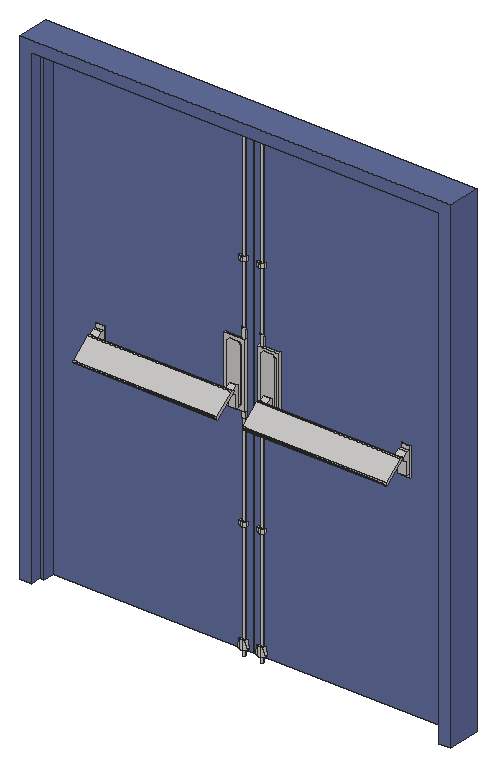
Revit family "Door_BlastResistant_Ambico_MediumDuty-Double", category Doors, host Wall, Revit 2026
Family settings
  Host = Wall
  Classification Number = 23.30.10.21.37.14
  Always vertical = Yes
  Cut with Voids When Loaded = No
  Shared = No
  Room Calculation Point = No
Parameters (values of type "as Specified")
  Wind Load = ""
  Water Penetration = ""
  Visual Light Transmittance = VLT  # 0
  VLT = 0
  U = 0.1000 BTU/(h·ft²·°F)
  Thermal Resistance (R) = R  # 0.0000 (h·ft²·°F)/BTU
  Stop Depth = Frame Thickness - (Door Rabbet * 2)  # 0' - 1 7/8"
  Sound Transmission Class (STC) = 0
  Solar Heat Gain Coefficient = SHGC  # 0
  SHGC = 0
  RO Offset = 0' - 0"
  R = 0.0000 (h·ft²·°F)/BTU
  Panel Height = Height  # 7' - 0"
  Heat Transfer Coefficient (U) = U  # 0.1000 BTU/(h·ft²·°F)
  Hardware Second Finish [instance] = Metal - Stainless Steel - Ambico - 2B Finish
  Hardware Finish = Metal - Stainless Steel - Ambico - 4 Finish
  Handle Type Interior [instance] = Handle_MediumDuty3PntPushbar : Handle_MediumDuty3PntPushbar
  Handle Type Exterior [instance] = Handle_MediumDuty Generic Lever : Handle_MediumDuty Generic Lever
  Handle Height = 3' - 4"
  Function = Interior
  Frame Width = 0' - 2"
  Frame Thickness = 0' - 5 3/4"
  Frame Inset from Exterior [instance] = 0' - 0"
  Frame Finish = Metal - Steel - Ambico - Painted - Blue
  Door Rabbet = Thickness + 0' 0 3/16"  # 0' - 1 15/16"
  Blast Resistance = "as Specified"
  Building Code Conformance = ""
  Backset = 0' - 3"
  Air Infiltration = ""
  ASTM Conformance = ""
  Panel Width = Width / 2  # 3' - 0"
  Panel Material = Metal - Steel - Ambico - Painted - Blue
  Manufacturer Phone = "613-746-4663 "
  Warranty Duration (Years) = 0
  URL = "http://www.ambico.com/"
  Thickness = 0' - 1 3/4"
  Test Data = ""
  Specification = "http://www.arcat.com/sd/clients/ambico.html?coid=40356"
  SpecWizard = ""
  Send Message = "http://www.arcat.com/users.pl?action=UserEmail&company=Ambico Limited&coid=40356&rep=119&fax=800-465-8561&mf="
  Sales Information = "http://www.ambico.com/contact.html"
  Rough Width = (Width + (RO Offset * 2))  # 6' - 0"
  Rough Height = (Height + (RO Offset))  # 7' - 0"
  Product Properties = ""
  Product Data = "http://www.arcat.com/arcatcos/cos40/arc40356.html"
  Manufacturer Website = "http://www.ambico.com/"
  Manufacturer Phone - Toll Free = "888-423-2224"
  Manufacturer Fax = "800-465-8561"
  Manufacturer Address = "1120 Cummings Ave. Ottawa, ON Canada K1J 7R8"
  Maintenance Schedule (Months) = 0
  Installation-Fabrication = "http://www.ambico.com/specs-a-cads-library.html"
  Installation Phase = ""
  Green Building-LEED = "http://www.arcat.com/green/clients/leed_data_40356.html"
  Model = "Blast Resistant Medium Duty Non Fire Rated"
  Manufacturer = "Ambico Limited"
  Keynote = "08300"
  Height = 7' - 0"
  Wall Closure = By host
  Width = 6' - 0"
  Fire Rating = "NFR"
  Expected Lifespan (Years) = 0
  Drawn By = "Sumex Design, Inc. / Robert S. Weygant, CSI, CDT, SCIP"
  Description = "Ambico Blast Resistant Medium Duty Steel Door - Pair as Specified"
  Copyright = "©Arcat Inc."
  Construction Details = "http://www.arcat.com/details/ambico/ambico.html?coid=40356"
  Building Codes = ""
  Assembly Code = ""
  ADA Compliant = yes
  AAMA Designation = ""
Reference planes (in)
  plane 1 "Center (Front/Back)": y = -34.46225
  plane 2 "Center (Left/Right)": x = 62.28704
  plane 3: z = 0
  plane 4 "Right": x = 100.28704
  plane 5 "Left": x = 24.28704
  plane 6 "Closure": y = -36.46225
  plane 7: z = 0
  plane 8 "Top of Frame": z = 86
  plane 9 "RO Top": z = 86
  plane 10 "RO Right": x = 100.28704
  plane 11 "RO Left": x = 24.28704
  plane 12 "Frame Ext": y = -31.96225
  plane 13 "Frame Int": y = -37.71225
  plane 14: x = 98.28704
  plane 15: x = 26.28704
  plane 16: z = 84
  plane 17: z = 40
  plane 18: y = -33.71225
  plane 19: y = -31.96225
  plane 20: x = 59.28704
  plane 21: x = 65.28704
Forms (in)
  Sweep 1, solid, material "Metal - Steel - Ambico - Painted - Blue" <- "Frame Finish"
    path origin (1.99114, -31.96225, 48) x (-1, 0, 0) y (0, 0, 1)
      loop
        line (-98.2959, -48) -> (-98.2959, 38) -> (-22.2959, 38) -> (-22.2959, -48)
    profile "P_Frame_Standard : P_Frame_Standard" origin (100.28704, -31.96225, 43) x (1, 0, 0) y (0, 1, 0)
      loop
        line (0, 0) -> (-2, 0) -> (-2, -1.9375) -> (-2.625, -1.9375) -> (-2.625, -3.8125) -> (-2, -3.8125) -> (-2, -5.75) -> (0, -5.75) -> (0, 0)
Lines and regions (in)
  Opening 1
    outline origin (-109.33485, -36.46225, 0) x (1, 0, 0) y (0, 0, 1)
      loop
        line (133.62189, 0) -> (209.62189, 0) -> (209.62189, 86) -> (133.62189, 86) -> (133.62189, 0)
Text (in)
  text "Exterior" at (-20.44992, -12.18085, 0), in view "Plan"
  text "Interior" at (-20.44992, -49.43282, 0), in view "Plan"
  text "Exterior" at (0, -17.98638, 123.01588), in view "Right"
  text "Interior" at (0, -64.39139, 123.01588), in view "Right"
  text "Interior" at (0, -52.09468, 121.14095), in view "Left"
  text "Exterior" at (0, 26.35325, 123.00693), in view "Left"
Dimensions and locks (in)
  equal spacing: plane 4 "Right", plane 2 "Center (Left/Right)", plane 5 "Left"
  "RO Offset": plane 5 "Left" to plane 11 "RO Left"
  "RO Offset": plane 10 "RO Right" to plane 4 "Right"
  "RO Offset": plane 9 "RO Top" to plane 8 "Top of Frame"
  "Frame Thickness": plane 12 "Frame Ext" to plane 13 "Frame Int"
  "Frame Width": plane 16 to plane 8 "Top of Frame"
  "Frame Width": plane 4 "Right" to plane 14
  "Frame Width": plane 5 "Left" to plane 15
  "Frame Inset from Exterior": plane 19 to plane 12 "Frame Ext"
  "Handle Height": level to plane 17
  "Thickness": plane 12 "Frame Ext" to plane 18
  locked: plane 19 to host wall at 0.5
  "Height": level to plane 16
  "Width": plane 15 to plane 14
  "Backset": plane 2 "Center (Left/Right)" to plane 21
  "Backset": plane 20 to plane 2 "Center (Left/Right)"
  aligned and locked: host wall to plane 1 "Center (Front/Back)"
  aligned and locked: host wall to plane 6 "Closure"
  aligned and locked: plane 12 "Frame Ext" to nested 1
  aligned and locked: nested 2 to plane 17
  aligned and locked: nested 1 to plane 14
  aligned and locked: nested 3 to plane 15
  aligned and locked: plane 12 "Frame Ext" to nested 3
  aligned and locked: plane 17 to nested 4
  aligned and locked: plane 20 to nested 4
  aligned and locked: plane 21 to nested 2
  aligned and locked: plane 17 to nested 5
  aligned and locked: nested 6 to plane 17
  aligned and locked: nested 6 to plane 20
  aligned and locked: nested 5 to plane 21
Automatic sketch dimensions
  Opening 1 sketch curve to plane 9 "RO Top" = 0' - 0"
  Opening 1 sketch curve to plane 11 "RO Left" = 0' - 0"
  Opening 1 sketch curve to plane 10 "RO Right" = 0' - 0"
  Opening 1 sketch curve to level = 0' - 0"
  Sweep 1 sketch curve to plane 4 "Right" = 0' - 0"
  Sweep 1 sketch curve to plane 5 "Left" = 0' - 0"
  Sweep 1 sketch curve to level = 0' - 0"  (x2)
  Sweep 1 sketch curve to plane 8 "Top of Frame" = 0' - 0"
Nested families (in)
  nested 1: "Panel_Blast" at (80.28704, -32.83725, 0) x (-1, 0, 0) z (0, 0, 1), Material <- "Panel Material", Width <- "Panel Width", Thickness <- "Thickness", Height <- "Panel Height", type "Panel_Blast"
    with offset 0' - 0", glazing Glass - Glazing - Ambico - Clear, Width 3' - 0", Vision Width 0' - 7", Vision Height 1' - 6", Vision Cutout from Top 0' - 6", Vision Cutout from Latch 0' - 6", Thickness 0' - 1 3/4", Material Metal - Steel - Ambico - Painted - Blue, Height 7' - 0"
  nested 2: "Handle_MediumDuty Generic Lever" at (65.28704, -31.96225, 40) x (-1, 0, 0) z (0, 1, 0), Material <- "Hardware Finish", type <- "Handle Type Exterior", Second Material <- "Hardware Second Finish", handle height <- "Handle Height", panel height <- "Panel Height", type "Handle_MediumDuty Generic Lever"
    with panel height 7' - 0", handle height 3' - 4", Second Material Metal - Stainless Steel - Ambico - 2B Finish, Material Metal - Stainless Steel - Ambico - 4 Finish
  nested 3: "Panel_Blast" at (44.28704, -32.83725, 0), Material <- "Panel Material", Width <- "Panel Width", Thickness <- "Thickness", Height <- "Panel Height", type "Panel_Blast"
    with offset 0' - 0", glazing Glass - Glazing - Ambico - Clear, Width 3' - 0", Vision Width 0' - 7", Vision Height 1' - 6", Vision Cutout from Top 0' - 6", Vision Cutout from Latch 0' - 6", Thickness 0' - 1 3/4", Material Metal - Steel - Ambico - Painted - Blue, Height 7' - 0"
  nested 4: "Handle_MediumDuty Generic Lever" at (59.28704, -31.96225, 40) x (1, 0, 0) z (0, 1, 0), Material <- "Hardware Finish", type <- "Handle Type Exterior", Second Material <- "Hardware Second Finish", handle height <- "Handle Height", panel height <- "Panel Height", type "Handle_MediumDuty Generic Lever"
    with panel height 7' - 0", handle height 3' - 4", Second Material Metal - Stainless Steel - Ambico - 2B Finish, Material Metal - Stainless Steel - Ambico - 4 Finish
  nested 5: "Handle_MediumDuty3PntPushbar" at (65.28704, -33.71225, 40) x (-1, 0, 0) z (0, -1, 0), Material <- "Hardware Finish", type <- "Handle Type Interior", Second Material <- "Hardware Second Finish", handle height <- "Handle Height", panel height <- "Panel Height", type "Handle_MediumDuty3PntPushbar"
    with panel height 7' - 0", handle height 3' - 4", Second Material Metal - Stainless Steel - Ambico - 2B Finish, Material Metal - Stainless Steel - Ambico - 4 Finish
  nested 6: "Handle_MediumDuty3PntPushbar" at (59.28704, -33.71225, 40) x (1, 0, 0) z (0, -1, 0), Material <- "Hardware Finish", type <- "Handle Type Interior", Second Material <- "Hardware Second Finish", handle height <- "Handle Height", panel height <- "Panel Height", type "Handle_MediumDuty3PntPushbar"
    with panel height 7' - 0", handle height 3' - 4", Second Material Metal - Stainless Steel - Ambico - 2B Finish, Material Metal - Stainless Steel - Ambico - 4 Finish
Definition of nested family "Panel_Blast"
  Parameters (values of type "Panel_Blast")
    offset [instance] = 0' - 0"
    glazing [instance] = none
    Width [instance] = 3' - 0"
    Warranty Duration (Years) = 0
    Vision Width [instance] = 0' - 9"
    Vision Height [instance] = 1' - 3"
    Vision Cutout from Top [instance] = 0' - 5.33478"
    Vision Cutout from Latch [instance] = 0' - 4.55554"
    URL = "http://www.ambico.com/"
    Thickness [instance] = 0' - 2"
    Specification = "http://www.arcat.com/sd/clients/ambico.html?coid=40356"
    SpecWizard = ""
    Send Message = "http://www.arcat.com/users.pl?action=UserEmail&company=Ambico Limited&coid=40356&rep=119&fax=800-465-8561&mf="
    Sales Information = "http://www.ambico.com/contact.html"
    Revision = "R1_03-2012"
    Product Properties = ""
    Product Data = "http://www.arcat.com/arcatcos/cos40/arc40356.html"
    Model = "As Specified"
    Material [instance] = none
    Manufacturer Website = "http://www.ambico.com/"
    Manufacturer Phone - Toll Free = "888-423-2224"
    Manufacturer Phone = "613-746-4663 "
    Manufacturer Fax = "800-465-8561"
    Manufacturer Address = "1120 Cummings Ave. Ottawa, ON Canada K1J 7R8"
    Manufacturer = "Ambico Limited"
    Maintenance Schedule (Months) = 0
    Keynote = "08300"
    Installation-Fabrication = "http://www.ambico.com/specs-a-cads-library.html"
    Installation Phase = ""
    Height [instance] = 7' - 0"
    Green Building-LEED = "http://www.arcat.com/green/clients/leed_data_40356.html"
    Expected Lifespan (Years) = 0
    Drawn By = "Sumex Design, Inc. / Robert S. Weygant, CSI, CDT, SCIP"
    Description = "Ambico Door Product as Specified"
    Default Elevation = 4' - 0"
    Copyright = "©Arcat Inc."
    Construction Details = "http://www.arcat.com/details/ambico/ambico.html?coid=40356"
    Assembly Code = ""
    Analytic Construction = "<None>"
  Reference planes (in)
    plane 1 "Center (Front/Back)": y = 0
    plane 2 "Bottom": z = 0
    plane 3 "Center (Left/Right)": x = 0
    plane 4 "Front": y = -1
    plane 5 "Back": y = 1
    plane 6 "Left": x = -18
    plane 7 "Right": x = 18
    plane 8 "Top": z = 84
    plane 9: z = 42
    plane 10: y = -0.6875
    plane 11: y = 0.6875
  Forms (in)
    Extrusion 1, solid, material <- "Material"
      sketch origin (0, 1, 0) x (-1, 0, 0) y (0, 0, 1)
        loop
          line (18, 84) -> (-18, 84) -> (-18, 0) -> (18, 0) -> (18, 84)
      from 0 to -2
  Lines and regions (in)
    symbolic lines
      curve 1: line (18, 0, 84) -> (-18, 0, 42)
      curve 2: line (-18, 0, 42) -> (18, 0, 0)
      curve 3: arc (18, 1, 0) -> (7.45584, 26.45584, 0) -> (-18, 37, 0) r 36
      curve 4: line (-18, 37, 0) -> (-18, 1, 0)
  Dimensions and locks (in)
    equal spacing: plane 6 "Left", plane 3 "Center (Left/Right)", plane 7 "Right"
    "Width": plane 6 "Left" to plane 7 "Right"
    equal spacing: plane 5 "Back", plane 1 "Center (Front/Back)", plane 4 "Front"
    "Thickness": plane 5 "Back" to plane 4 "Front"
    "Height": plane 8 "Top" to level
    equal spacing: plane 8 "Top", plane 9, level
    locked: plane 4 "Front" to plane 10 at 0.3125
    locked: plane 11 to plane 5 "Back" at 0.3125
    aligned and locked: Extrusion 1 to plane 4 "Front"
  Automatic sketch dimensions
    Extrusion 1 sketch curve to plane 7 "Right" = 0' - 0"
    Extrusion 1 sketch curve to level = 0' - 0"
    Extrusion 1 sketch curve to plane 6 "Left" = 0' - 0"
    Extrusion 1 sketch curve to plane 8 "Top" = 0' - 0"
    curve 1 to plane 6 "Left" = 0' - 0"
    curve 2 to level = 0' - 0"
    curve 2 to plane 7 "Right" = 0' - 0"
    curve 1 to plane 7 "Right" = 0' - 0"
    curve 1 to plane 9 = 0' - 0"
    curve 1 to plane 8 "Top" = 0' - 0"
    curve 4 to plane 5 "Back" = 0' - 0"
    curve 3 to plane 6 "Left" = 0' - 0"
    curve 3 to plane 5 "Back" = 0' - 0"
    curve 3 to plane 7 "Right" = 0' - 0"
Definition of nested family "Handle_MediumDuty Generic Lever"
  Parameters (values of type "Handle_Generic Lever")
    panel height [instance] = 0' - 0"
    handle height [instance] = 0' - 0"
    Second Material [instance] = none
    Material [instance] = none
    Default Elevation = 4' - 0"
  Reference planes (in)
    plane 1 "Center (Front/Back)": y = 0
    plane 2: z = 0
    plane 3 "Center (Left/Right)": x = 0
  Forms (in)
    Sweep 1, solid, material <- "Material"
      path origin (0, 0, 0) x (1, 0, 0) y (0, 0, 1)
        loop
          line (0, 0) -> (0, 1.76511)
          arc (0, 1.76511) -> (-0.29289, 2.47221) -> (-1, 2.76511) r 1
          line (-1, 2.76511) -> (-4.5, 2.76511)
          arc (-4.5, 2.76511) -> (-5.20711, 2.47221) -> (-5.5, 1.76511) r 1
          line (-5.5, 1.76511) -> (-5.5, 1.26511)
      profile origin (0, 0, 0.88255) x (-1, 0, 0) y (0, -1, 0)
        loop
          circle (0, 0) r 0.375
    Extrusion 2, solid, material <- "Material"
      sketch origin (0, 0, 0) x (1, 0, 0) y (0, 1, 0)
        loop
          circle (0, 0) r 1.5
      from 0 to 0.25
  Cuts and joins
    joined: Sweep 1, Extrusion 2
Definition of nested family "Handle_MediumDuty3PntPushbar"
  Parameters
    panel height [instance] = 6' - 5.11902"
    handle height [instance] = 2' - 6"
    Second Material [instance] = none
    Material [instance] = none
    Default Elevation = 4' - 0"
  Reference planes (in)
    plane 1 "Center (Front/Back)": y = 0
    plane 2: z = 0
    plane 3 "Center (Left/Right)": x = 0
    plane 4: y = 47.11902
    plane 5: y = -30
    plane 6: y = -15
    plane 7: y = 23.55951
    plane 8: x = -24
  Forms (in)
    Extrusion 1, solid, material <- "Second Material"
      sketch origin (0, 0, 0) x (1, 0, 0) y (0, 1, 0)
        loop
          line (-1.84375, 9.20965) -> (-1.84375, -2.16535) -> (1.84375, -2.16535) -> (1.84375, 9.20965) -> (-1.84375, 9.20965)
      from 0 to 0.48138
    Extrusion 2, solid, material <- "Second Material"
      sketch origin (0, 0, 0) x (1, 0, 0) y (0, 1, 0)
        loop
          line (-0.78107, 8.67802) -> (-1.28107, 8.17802) -> (-1.28107, -1.07198) -> (-0.78107, -1.57198) -> (0.78107, -1.57198) -> (1.21893, -1.13411) -> (1.21893, 8.24015) -> (0.78107, 8.67802) -> (-0.78107, 8.67802)
      from 0 to 0.53854
    Extrusion 3, solid, material <- "Second Material"
      sketch origin (-8.18768, 23.55951, 48) x (-1, 0, 0) y (0, 0, 1)
        loop
          line (-8.91281, -48) -> (-8.91281, -47.70312) -> (-9.39085, -47.48021)
          arc (-9.39085, -47.48021) -> (-9.59254, -47.4355) -> (-9.79422, -47.48021) r 0.47723
          line (-9.79422, -47.48021) -> (-10.27227, -47.70312) -> (-10.27227, -48) -> (-8.91281, -48)
      from -0.35461 to 0.38209
    Extrusion 4, solid, material <- "Second Material"
      sketch origin (-8.18768, -15, 48) x (-1, 0, 0) y (0, 0, 1)
        loop
          line (-8.91281, -48) -> (-8.91281, -47.70312) -> (-9.39085, -47.48021)
          arc (-9.39085, -47.48021) -> (-9.59254, -47.4355) -> (-9.79422, -47.48021) r 0.47723
          line (-9.79422, -47.48021) -> (-10.27227, -47.70312) -> (-10.27227, -48) -> (-8.91281, -48)
      from -0.35461 to 0.38209
    Extrusion 5, solid, material <- "Second Material"
      sketch origin (-14.28165, -30, 48) x (-1, 0, 0) y (0, 0, 1)
        loop
          line (-16.51291, -47.63907) -> (-16.51291, -48) -> (-14.86012, -48) -> (-14.86012, -47.63907) -> (-15.44131, -47.36806)
          arc (-15.44131, -47.36806) -> (-15.68651, -47.3137) -> (-15.93172, -47.36806) r 0.5802
          line (-15.93172, -47.36806) -> (-16.51291, -47.63907)
      from 0.17652 to 1.71755
    Extrusion 6, solid, material <- "Second Material"
      sketch origin (-14.28165, 47.11902, 48) x (-1, 0, 0) y (0, 0, 1)
        loop
          line (-16.51291, -47.63907) -> (-16.51291, -48) -> (-14.86012, -48) -> (-14.86012, -47.63907) -> (-15.44131, -47.36806)
          arc (-15.44131, -47.36806) -> (-15.68651, -47.3137) -> (-15.93172, -47.36806) r 0.5802
          line (-15.93172, -47.36806) -> (-16.51291, -47.63907)
      from -0.19084 to -1.58241
    Extrusion 7, void
      sketch origin (-0.125, 0, 0) x (1, 0, 0) y (0, 1, 0)
        loop
          line (0.46651, 48.0629) -> (0.46651, 45.36268) -> (1.03038, 45.36268) -> (0.46651, 48.0629)
        loop
          line (2.59321, 48.0629) -> (2.02934, 45.36268) -> (2.59321, 45.36268) -> (2.59321, 48.0629)
        loop
          line (0.46651, -30.8278) -> (1.03038, -28.12759) -> (0.46651, -28.12759) -> (0.46651, -30.8278)
        loop
          line (2.59321, -30.8278) -> (2.59321, -28.12759) -> (2.02934, -28.12759) -> (2.59321, -30.8278)
      from 0 to 12
    Revolve 8, solid, material <- "Material"
      sketch origin (-0.125, 0, 0) x (1, 0, 0) y (0, 1, 0)
        loop
          line (1.35036, -3.2508) -> (1.35036, -31) -> (1.52986, -31) -> (1.52986, 48.11902) -> (1.35036, 48.11902) -> (1.35036, 11.03078) -> (1.21736, 11.03078) -> (1.21736, -3.2508) -> (1.35036, -3.2508)
        axis (1.52986, -31) -> (1.52986, 48.11902)
      angle from 0 to 360
    Extrusion 9, solid, material <- "Second Material"
      sketch origin (0, 2, -0.1875) x (0, 1, 0) y (0, 0, 1)
        loop
          line (-3.66777, 5.208) -> (-0.84968, 1.72794)
          arc (-0.84968, 1.72794) -> (-0.77938, 1.70304) -> (-0.72528, 1.75438) r 0.07137
          line (-0.72528, 1.75438) -> (-0.66168, 1.99176)
          arc (-0.66168, 1.99176) -> (-0.65894, 2.09635) -> (-0.70398, 2.19079) r 0.2241
          line (-0.70398, 2.19079) -> (-3.24752, 5.33179)
          arc (-3.24752, 5.33179) -> (-3.3341, 5.3913) -> (-3.43912, 5.39405) r 0.18495
          line (-3.43912, 5.39405) -> (-3.62336, 5.34468)
          arc (-3.62336, 5.34468) -> (-3.68268, 5.2884) -> (-3.66777, 5.208) r 0.08568
      from -24.66078 to 0.72513
    Extrusion 10, solid, material <- "Second Material"
      sketch origin (0, 0, 0) x (0, 1, 0) y (0, 0, 1)
        loop
          line (-1.91061, 0) -> (1.7492, 0) -> (1.7492, 0.6875) -> (1.12885, 1.54134) -> (0.78066, 1.54134) -> (0.40566, 0.89182) -> (-1.91061, 0.89182) -> (-1.91061, 0)
      from -0.6619 to 0.63865
    Extrusion 11, solid, material <- "Second Material"
      sketch origin (-24, -180, -2.92586) x (0, 0, -1) y (0, -1, 0)
        loop
          line (-2.92586, -178.08939) -> (-3.81768, -178.08939) -> (-3.81768, -180.40566) -> (-4.4672, -180.78066) -> (-4.4672, -181.12885) -> (-3.61336, -181.7492) -> (-2.92586, -181.7492) -> (-2.92586, -178.08939)
      from -0.71717 to 0.72935
    Extrusion 12, solid, material <- "Second Material"
      sketch origin (0, 0, 0) x (0, 1, 0) y (0, 0, 1)
        loop
          arc (0.77986, 1.99792) -> (0.57033, 1.56568) -> (0.51897, 1.08808) r 1.40235
          line (0.51897, 1.08808) -> (1.10348, 1.08808) -> (1.10348, 1.59829) -> (0.77986, 1.99792)
      from -0.33238 to 0.2851
    Extrusion 13, solid, material <- "Second Material"
      sketch origin (-24, -180, -2.92586) x (0, 0, -1) y (0, -1, 0)
        loop
          line (-4.92378, -180.77986) -> (-4.52415, -181.10348) -> (-4.01394, -181.10348) -> (-4.01394, -180.51897)
          arc (-4.01394, -180.51897) -> (-4.49154, -180.57033) -> (-4.92378, -180.77986) r 1.40235
      from -0.33238 to 0.2851
    Extrusion 14, solid, material <- "Second Material"
      sketch origin (0, 0, 0) x (1, 0, 0) y (0, 1, 0)
        loop
          line (-24.72935, -2.66061) -> (-23.28283, -2.66061) -> (-23.28283, 2.4992) -> (-24.72935, 2.4992) -> (-24.72935, -2.66061)
      from 0 to 0.0699
  Cuts and joins
    Extrusion 7 cuts Extrusion 5
    Extrusion 7 cuts Extrusion 6
  Dimensions and locks (in)
    "handle height": plane 5 to plane 1 "Center (Front/Back)"
    "panel height": plane 4 to plane 5
    equal spacing: plane 4, plane 7, plane 1 "Center (Front/Back)"
    equal spacing: plane 5, plane 6, plane 1 "Center (Front/Back)"
    Extrusion 7 sketch curve to plane 4 to Extrusion 7 sketch curve = 0' - 0.94388" locked, 0' - 1.75634" locked  (x2)
    locked: Revolve 8 sketch curve to plane 4 at 1
    locked: plane 5 to Revolve 8 sketch curve at 1
    Extrusion 7 sketch curve to plane 5 to Extrusion 7 sketch curve = 0' - 1.87241" locked, 0' - 0.8278" locked  (x2)
    locked: plane 3 "Center (Left/Right)" to plane 8 at 24
  Automatic sketch dimensions
    Extrusion 1 sketch curve to plane 3 "Center (Left/Right)" = 0' - 1 27/32"
    plane 3 "Center (Left/Right)" to Extrusion 1 sketch curve = 0' - 1 27/32"
    plane 1 "Center (Front/Back)" to Extrusion 1 sketch curve = 0' - 2.16535"
    Extrusion 1 sketch curve to plane 1 "Center (Front/Back)" = 0' - 9.20965"
    Extrusion 2 sketch curve to plane 3 "Center (Left/Right)" = 0' - 1.28107"
    Extrusion 2 sketch curve to Extrusion 2 sketch curve = 0' - 0 1/2"  (x4)
    plane 3 "Center (Left/Right)" to Extrusion 2 sketch curve = 0' - 0.78107"  (x2)
    Extrusion 2 sketch curve to Extrusion 2 sketch curve = 0' - 0.43787"  (x2)
    plane 1 "Center (Front/Back)" to Extrusion 2 sketch curve = 0' - 1.57198"
    Extrusion 2 sketch curve to plane 1 "Center (Front/Back)" = 0' - 8.17802"
    Extrusion 2 sketch curve to Extrusion 2 sketch curve = 0' - 0.06213"
    Extrusion 3 sketch curve to level = 0' - 0"
    level to Extrusion 3 sketch curve = 0' - 0 19/64"  (x2)
    plane 3 "Center (Left/Right)" to Extrusion 3 sketch curve = 0' - 2.08459"
    level to Extrusion 3 sketch curve = 0' - 0.51979"  (x2)
    Extrusion 3 sketch curve to Extrusion 3 sketch curve = 0' - 0.47805"  (x2)
    level to Extrusion 3 sketch curve = 0' - 0.08728"
    Extrusion 3 sketch curve to Extrusion 3 sketch curve = 0' - 0.20169"
    Extrusion 4 sketch curve to level = 0' - 0"
    level to Extrusion 4 sketch curve = 0' - 0 19/64"
    plane 3 "Center (Left/Right)" to Extrusion 4 sketch curve = 0' - 2.08459"
    level to Extrusion 4 sketch curve = 0' - 0.51979"  (x2)
    Extrusion 4 sketch curve to Extrusion 4 sketch curve = 0' - 0.47805"  (x2)
    level to Extrusion 4 sketch curve = 0' - 0.08728"
    Extrusion 4 sketch curve to Extrusion 4 sketch curve = 0' - 0.20169"
    Extrusion 4 sketch curve to Extrusion 4 sketch curve = 0' - 0 19/64"
    Extrusion 5 sketch curve to level = 0' - 0"
    level to Extrusion 5 sketch curve = 0' - 0.36093"
    plane 3 "Center (Left/Right)" to Extrusion 5 sketch curve = 0' - 2.23125"
    Extrusion 5 sketch curve to Extrusion 5 sketch curve = 0' - 0.58119"
    level to Extrusion 5 sketch curve = 0' - 0.10611"
    Extrusion 5 sketch curve to Extrusion 5 sketch curve = 0' - 0.2452"
    Extrusion 5 sketch curve to Extrusion 5 sketch curve = 0' - 0.4904"
    plane 3 "Center (Left/Right)" to Extrusion 5 sketch curve = 0' - 0.57846"
    Extrusion 5 sketch curve to Extrusion 5 sketch curve = 0' - 0.36093"
    Extrusion 5 sketch curve to Extrusion 5 sketch curve = 0' - 0.52584"
    Extrusion 6 sketch curve to level = 0' - 0"
    level to Extrusion 6 sketch curve = 0' - 0.36093"  (x2)
    plane 3 "Center (Left/Right)" to Extrusion 6 sketch curve = 0' - 2.23125"
    Extrusion 6 sketch curve to Extrusion 6 sketch curve = 0' - 0.58119"
    level to Extrusion 6 sketch curve = 0' - 0.10611"
    Extrusion 6 sketch curve to Extrusion 6 sketch curve = 0' - 0.2452"
    Extrusion 6 sketch curve to Extrusion 6 sketch curve = 0' - 0.4904"
    plane 3 "Center (Left/Right)" to Extrusion 6 sketch curve = 0' - 0.57846"
    Extrusion 6 sketch curve to Extrusion 6 sketch curve = 0' - 0.52584"
    plane 3 "Center (Left/Right)" to Extrusion 7 sketch curve = 0' - 0.34151"  (x2)
    Extrusion 7 sketch curve to Extrusion 7 sketch curve = 0' - 0.56387"  (x2)
    Extrusion 7 sketch curve to Extrusion 7 sketch curve = 0' - 0.99895"  (x2)
    Extrusion 7 sketch curve to Extrusion 7 sketch curve = 0' - 2.1267"  (x2)
    plane 3 "Center (Left/Right)" to Revolve 8 sketch curve = 0' - 1.09236"
    plane 3 "Center (Left/Right)" to Revolve 8 sketch curve = 0' - 1.22536"
    Revolve 8 sketch curve to Revolve 8 sketch curve = 0' - 0.13301"
    Revolve 8 sketch curve to Revolve 8 sketch curve = 0' - 0.17949"
    plane 1 "Center (Front/Back)" to Revolve 8 sketch curve = 0' - 3.2508"
    Revolve 8 sketch curve to plane 1 "Center (Front/Back)" = 0' - 11.03078"
    plane 3 "Center (Left/Right)" to Revolve 8 sketch curve = 0' - 1.40486"
    Revolve 8 sketch curve to Revolve 8 sketch curve = 0' - 4.79035"
    Revolve 8 sketch curve to Revolve 8 sketch curve = 0' - 6.09063"
    plane 1 "Center (Front/Back)" to Extrusion 9 sketch curve = 0' - 1.66777"
    Extrusion 9 sketch curve to Extrusion 9 sketch curve = 0' - 0.04441"
    Extrusion 9 sketch curve to Extrusion 9 sketch curve = 0' - 0.06659"
    Extrusion 9 sketch curve to Extrusion 9 sketch curve = 0' - 0.18425"
    Extrusion 9 sketch curve to Extrusion 9 sketch curve = 0' - 0.04787"
    Extrusion 9 sketch curve to Extrusion 9 sketch curve = 0' - 0.14373"
    Extrusion 9 sketch curve to plane 1 "Center (Front/Back)" = 0' - 1.12186"
    Extrusion 9 sketch curve to Extrusion 9 sketch curve = 0' - 0.02847"
    Extrusion 9 sketch curve to Extrusion 9 sketch curve = 0' - 0.05546"
    Extrusion 9 sketch curve to Extrusion 9 sketch curve = 0' - 0.06893"
    Extrusion 9 sketch curve to Extrusion 9 sketch curve = 0' - 0.17416"
    Extrusion 9 sketch curve to Extrusion 9 sketch curve = 0' - 0.04231"
    level to Extrusion 9 sketch curve = 0' - 1.54044"
    Extrusion 9 sketch curve to Extrusion 9 sketch curve = 0' - 0.02644"
    Extrusion 9 sketch curve to Extrusion 9 sketch curve = 0' - 0.23738"
    Extrusion 9 sketch curve to Extrusion 9 sketch curve = 0' - 0.058"
    Extrusion 9 sketch curve to Extrusion 9 sketch curve = 0' - 3.15824"
    Extrusion 9 sketch curve to Extrusion 9 sketch curve = 0' - 0.0074"
    Extrusion 9 sketch curve to Extrusion 9 sketch curve = 0' - 0.05392"
    Extrusion 9 sketch curve to Extrusion 9 sketch curve = 0' - 0.11639"
    Extrusion 10 sketch curve to level = 0' - 0"
    plane 1 "Center (Front/Back)" to Extrusion 10 sketch curve = 0' - 1.91061"
    Extrusion 10 sketch curve to plane 1 "Center (Front/Back)" = 0' - 0.40566"
    Extrusion 10 sketch curve to Extrusion 10 sketch curve = 0' - 0 3/8"
    Extrusion 10 sketch curve to Extrusion 10 sketch curve = 0' - 0.34819"
    Extrusion 10 sketch curve to Extrusion 10 sketch curve = 0' - 1.34354"
    level to Extrusion 10 sketch curve = 0' - 0 11/16"
    Extrusion 10 sketch curve to Extrusion 10 sketch curve = 0' - 0.89182"
    Extrusion 10 sketch curve to Extrusion 10 sketch curve = 0' - 0.64952"
    Extrusion 11 sketch curve to level = 0' - 0"
    level to Extrusion 11 sketch curve = 0' - 0 11/16"
    Extrusion 11 sketch curve to Extrusion 11 sketch curve = 0' - 0.89182"
    Extrusion 11 sketch curve to Extrusion 11 sketch curve = 0' - 0.64952"
    Extrusion 11 sketch curve to plane 1 "Center (Front/Back)" = 0' - 1.7492"
    Extrusion 11 sketch curve to Extrusion 11 sketch curve = 0' - 0.62035"
    Extrusion 11 sketch curve to Extrusion 11 sketch curve = 0' - 0.34819"
    Extrusion 11 sketch curve to plane 1 "Center (Front/Back)" = 0' - 0.40566"
    plane 1 "Center (Front/Back)" to Extrusion 11 sketch curve = 0' - 1.91061"
    Extrusion 12 sketch curve to plane 1 "Center (Front/Back)" = 0' - 0.51897"
    Extrusion 12 sketch curve to plane 1 "Center (Front/Back)" = 0' - 0.77986"
    Extrusion 12 sketch curve to Extrusion 12 sketch curve = 0' - 0.32362"
    Extrusion 12 sketch curve to Extrusion 12 sketch curve = 0' - 0.81488"
    level to Extrusion 12 sketch curve = 0' - 1.08808"
    Extrusion 12 sketch curve to Extrusion 12 sketch curve = 0' - 0.09106"
    Extrusion 12 sketch curve to Extrusion 12 sketch curve = 0' - 0.5102"
    level to Extrusion 13 sketch curve = 0' - 1.99792"
    Extrusion 13 sketch curve to Extrusion 13 sketch curve = 0' - 0.39964"
    Extrusion 13 sketch curve to Extrusion 13 sketch curve = 0' - 0.41915"
    Extrusion 13 sketch curve to Extrusion 13 sketch curve = 0' - 0.5102"
    Extrusion 13 sketch curve to plane 1 "Center (Front/Back)" = 0' - 1.91836"
    Extrusion 13 sketch curve to Extrusion 13 sketch curve = 0' - 0.81488"
    Extrusion 13 sketch curve to Extrusion 13 sketch curve = 0' - 0.32362"
    plane 8 to Extrusion 14 sketch curve = 0' - 0.72935"
    Extrusion 14 sketch curve to plane 1 "Center (Front/Back)" = 0' - 2.4992"
    Extrusion 14 sketch curve to plane 8 = 0' - 0.71717"
    plane 1 "Center (Front/Back)" to Extrusion 14 sketch curve = 0' - 2.66061"
